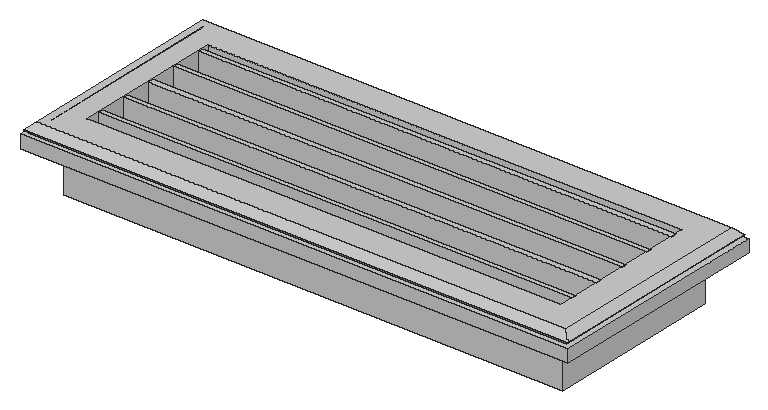
Revit family "CHEMOWENT Ramka + Kratka Otwór Prostokątny", category Duct Accessories, host Face, Revit 2015
Parameters (values of type "300×100 LG-A")
  Typ ramki montażowej = CHEMOWENT Ramka Montażowa : 300×100
  Typ kratki = CHEMOWENT Kratka LG-A : 300×100
  Manufacturer = "CHEMOWENT"
  Materiał = CHEMOWENT - PVC-U
  H = 110 mm
  Głębokość ramki [instance] = 35 mm
  Default Elevation = 1219.2 mm
  B = 310 mm
Types (32, lengths in mm): name | Typ ramki montażowej | Typ kratki | H | B
  300×100 LG-A | CHEMOWENT Ramka Montażowa : 300×100 | CHEMOWENT Kratka LG-A : 300×100 | 110 | 310
  300×150 LG-A | CHEMOWENT Ramka Montażowa : 300×150 | CHEMOWENT Kratka LG-A : 300×150 | 160 | 310
  300×200 LG-A | CHEMOWENT Ramka Montażowa : 300×200 | CHEMOWENT Kratka LG-A : 300×200 | 210 | 310
  300×250 LG-A | CHEMOWENT Ramka Montażowa : 300×250 | CHEMOWENT Kratka LG-A : 300×250 | 260 | 310
  400×100 LG-A | CHEMOWENT Ramka Montażowa : 400×100 | CHEMOWENT Kratka LG-A : 400×100 | 110 | 410
  400×150 LG-A | CHEMOWENT Ramka Montażowa : 400×150 | CHEMOWENT Kratka LG-A : 400×150 | 160 | 410
  400×200 LG-A | CHEMOWENT Ramka Montażowa : 400×200 | CHEMOWENT Kratka LG-A : 400×200 | 210 | 410
  400×250 LG-A | CHEMOWENT Ramka Montażowa : 400×250 | CHEMOWENT Kratka LG-A : 400×250 | 260 | 410
  500×100 LG-A | CHEMOWENT Ramka Montażowa : 500×100 | CHEMOWENT Kratka LG-A : 500×100 | 110 | 510
  500×150 LG-A | CHEMOWENT Ramka Montażowa : 500×150 | CHEMOWENT Kratka LG-A : 500×150 | 160 | 510
  500×200 LG-A | CHEMOWENT Ramka Montażowa : 500×200 | CHEMOWENT Kratka LG-A : 500×200 | 210 | 510
  500×250 LG-A | CHEMOWENT Ramka Montażowa : 500×250 | CHEMOWENT Kratka LG-A : 500×250 | 260 | 510
  600×100 LG-A | CHEMOWENT Ramka Montażowa : 600×100 | CHEMOWENT Kratka LG-A : 600×100 | 110 | 610
  600×150 LG-A | CHEMOWENT Ramka Montażowa : 600×150 | CHEMOWENT Kratka LG-A : 600×150 | 160 | 610
  600×200 LG-A | CHEMOWENT Ramka Montażowa : 600×200 | CHEMOWENT Kratka LG-A : 600×200 | 210 | 610
  600×250 LG-A | CHEMOWENT Ramka Montażowa : 600×250 | CHEMOWENT Kratka LG-A : 600×250 | 260 | 610
  300×100 LG-C | CHEMOWENT Ramka Montażowa : 300×100 | CHEMOWENT Kratka LG-C : 300×100 | 110 | 310
  300×150 LG-C | CHEMOWENT Ramka Montażowa : 300×150 | CHEMOWENT Kratka LG-C : 300×150 | 160 | 310
  300×200 LG-C | CHEMOWENT Ramka Montażowa : 300×200 | CHEMOWENT Kratka LG-C : 300×200 | 210 | 310
  300×250 LG-C | CHEMOWENT Ramka Montażowa : 300×250 | CHEMOWENT Kratka LG-C : 300×250 | 260 | 310
  400×100 LG-C | CHEMOWENT Ramka Montażowa : 400×100 | CHEMOWENT Kratka LG-C : 400×100 | 110 | 410
  400×150 LG-C | CHEMOWENT Ramka Montażowa : 400×150 | CHEMOWENT Kratka LG-C : 400×150 | 160 | 410
  400×200 LG-C | CHEMOWENT Ramka Montażowa : 400×200 | CHEMOWENT Kratka LG-C : 400×200 | 210 | 410
  400×250 LG-C | CHEMOWENT Ramka Montażowa : 400×250 | CHEMOWENT Kratka LG-C : 400×250 | 260 | 410
  500×100 LG-C | CHEMOWENT Ramka Montażowa : 500×100 | CHEMOWENT Kratka LG-C : 500×100 | 110 | 510
  500×150 LG-C | CHEMOWENT Ramka Montażowa : 500×150 | CHEMOWENT Kratka LG-C : 500×150 | 160 | 510
  500×200 LG-C | CHEMOWENT Ramka Montażowa : 500×200 | CHEMOWENT Kratka LG-C : 500×200 | 210 | 510
  500×250 LG-C | CHEMOWENT Ramka Montażowa : 500×250 | CHEMOWENT Kratka LG-C : 500×250 | 260 | 510
  600×100 LG-C | CHEMOWENT Ramka Montażowa : 600×100 | CHEMOWENT Kratka LG-C : 600×100 | 110 | 610
  600×150 LG-C | CHEMOWENT Ramka Montażowa : 600×150 | CHEMOWENT Kratka LG-C : 600×150 | 160 | 610
  600×200 LG-C | CHEMOWENT Ramka Montażowa : 600×200 | CHEMOWENT Kratka LG-C : 600×200 | 210 | 610
  600×250 LG-C | CHEMOWENT Ramka Montażowa : 600×250 | CHEMOWENT Kratka LG-C : 600×250 | 260 | 610
Reference planes
  plane 1 "Środek (Przód/Tył)": y = 0
  plane 2: z = 0
  plane 3 "Środek (Lewa/Prawa)": x = 0
  plane 4: z = -27
  plane 5: x = -155
  plane 6: x = 155
  plane 7: y = -55
  plane 8: y = 55
Forms (mm)
  Extrusion 1, void
    sketch origin (0, 0, 0) x (1, 0, 0) y (0, 1, 0)
      loop
        line (-155, 55) -> (-155, -55) -> (155, -55) -> (155, 55) -> (-155, 55)
    from -27 to 0
Dimensions and locks
  equal spacing: plane 8, plane 1 "Środek (Przód/Tył)", plane 7
  "H": plane 8 to plane 7
  equal spacing: plane 5, plane 3 "Środek (Lewa/Prawa)", plane 6
  "B": plane 5 to plane 6
  aligned and locked: plane 2 to host face
  aligned and locked: level to host face
  aligned and locked: Extrusion 1 to plane 4
  aligned and locked: plane 3 "Środek (Lewa/Prawa)" to nested 1
  aligned and locked: plane 1 "Środek (Przód/Tył)" to nested 1
  aligned and locked: plane 3 "Środek (Lewa/Prawa)" to nested 2
  aligned and locked: plane 1 "Środek (Przód/Tył)" to nested 2
  aligned and locked: Extrusion 1 to plane 5
  aligned and locked: Extrusion 1 to plane 6
  aligned and locked: plane 8 to Extrusion 1
  aligned and locked: Extrusion 1 to plane 7
  aligned and locked: plane 4 to nested 1
Automatic sketch dimensions
  host sketch curve to host sketch curve = 2438.4 mm  (x2)
  plane 1 "Środek (Przód/Tył)" to Extrusion 1 sketch curve = 55 mm
  Extrusion 1 sketch curve to plane 3 "Środek (Lewa/Prawa)" = 155 mm
  plane 3 "Środek (Lewa/Prawa)" to Extrusion 1 sketch curve = 155 mm
  Extrusion 1 sketch curve to plane 1 "Środek (Przód/Tył)" = 55 mm
Nested families
  nested 1: "CHEMOWENT Ramka Montażowa" at (0, 0, 0), Głębokość ramki <- "Głębokość ramki", type <- "Typ ramki montażowej", type "300×100", detail levels medium+fine
    with Głębokość ramki 35 mm
  nested 2: "CHEMOWENT Kratka LG-A" at (0, 0, 8), type <- "Typ kratki", type "300×100", detail levels medium+fine
Definition of nested family "CHEMOWENT Ramka Montażowa"
  Parameters (values of type "300×100")
    Manufacturer = "CHEMOWENT"
    Materiał = none
    Głębokość ramki [instance] = 35 mm
    B/2 = B / 2  # 150 mm
    H = 100 mm
    Default Elevation = 1219.2 mm
    B = 300 mm
    -B/2 = -B / 2  # -150 mm
  Types (16, lengths in mm): name | B/2 | H | B | -B/2
    300×100 | 150 | 100 | 300 | -150
    600×250 | 300 | 250 | 600 | -300
    600×200 | 300 | 200 | 600 | -300
    600×150 | 300 | 150 | 600 | -300
    600×100 | 300 | 100 | 600 | -300
    500×250 | 250 | 250 | 500 | -250
    500×200 | 250 | 200 | 500 | -250
    500×150 | 250 | 150 | 500 | -250
    500×100 | 250 | 100 | 500 | -250
    400×250 | 200 | 250 | 400 | -200
    400×200 | 200 | 200 | 400 | -200
    400×150 | 200 | 150 | 400 | -200
    400×100 | 200 | 100 | 400 | -200
    300×250 | 150 | 250 | 300 | -150
    300×200 | 150 | 200 | 300 | -150
    300×150 | 150 | 150 | 300 | -150
  Reference planes
    plane 1 "Środek (Przód/Tył)": y = 0
    plane 2: z = 0
    plane 3 "Środek (Lewa/Prawa)": x = 0
    plane 4: x = -150
    plane 5: y = -50
    plane 6: y = 50
    plane 7: x = 150
    plane 8 "Głębokość kratki": z = -27
    plane 9: z = 8
  Forms (mm)
    Sweep 1, solid, material <- "Materiał"
      path origin (0, 0, 0) x (1, 0, 0) y (0, 1, 0)
        loop
          line (-150, -50) -> (150, -50) -> (150, 50) -> (-150, 50) -> (-150, -50)
      profile origin (0, -50, 0) x (0, 1, 0) y (0, 0, 1)
        loop
          line (-20, 8) -> (-20, 0) -> (-5, 0) -> (-5, -27) -> (0, -27) -> (0, 8) -> (-20, 8)
  Dimensions and locks
    equal spacing: plane 4, plane 3 "Środek (Lewa/Prawa)", plane 7
    "B": plane 4 to plane 7
    equal spacing: plane 5, plane 1 "Środek (Przód/Tył)", plane 6
    "H": plane 6 to plane 5
    locked: plane 9 to level at 8
    "Głębokość ramki": plane 9 to plane 8 "Głębokość kratki"
    aligned and locked: level to plane 2
    aligned and locked: Sweep 1 sketch curve to plane 5
    aligned and locked: Sweep 1 sketch curve to plane 4
    aligned and locked: Sweep 1 sketch curve to plane 6
    aligned and locked: Sweep 1 sketch curve to plane 7
    aligned and locked: Sweep 1 sketch curve to plane 8 "Głębokość kratki"
  Automatic sketch dimensions
    Sweep 1 sketch curve to level = 0 mm
    Sweep 1 sketch curve to profile plane = 0 mm
    profile plane to Sweep 1 sketch curve = 5 mm
    level to Sweep 1 sketch curve = 8 mm
    Sweep 1 sketch curve to Sweep 1 sketch curve = 15 mm
Definition of nested family "CHEMOWENT Kratka LG-A"
  Parameters (values of type "300×100")
    Manufacturer = "CHEMOWENT"
    Materiał = none
    Ilość lameli poziomych = 5
    B/2 = B / 2  # 147 mm
    H = 94 mm
    Default Elevation = 1219.2 mm
    B = 294 mm
    -B/2 = -B / 2  # -147 mm
  Reference planes
    plane 1 "Środek (Przód/Tył)": y = 0
    plane 2: z = 0
    plane 3 "Środek (Lewa/Prawa)": x = 0
    plane 4: x = -147
    plane 5: y = -47
    plane 6: y = 47
    plane 7: x = 147
    plane 8: z = 6.536
    plane 9 "Głębokość kratki": z = -10.464
    plane 10: y = -38.5
  Forms (mm)
    Sweep 1, solid, material <- "Materiał"
      path origin (0, 0, 0) x (1, 0, 0) y (0, 1, 0)
        loop
          line (-147, -47) -> (147, -47) -> (147, 47) -> (-147, 47) -> (-147, -47)
      profile "CHEMOWENT Ramka Kratki : 17mm" origin (0, -47, 0) x (0, 1, 0) y (0, 0, 1)
        loop
          line (0, 6.536) -> (-17.243, 6.536) -> (-21.657, 2.121) -> (-19.536, 0) -> (-16, 3.536) -> (-3, 3.536) -> (-3, -10.464) -> (0, -10.464) -> (0, 6.536)
    Extrusion 2, solid, material <- "Materiał"
      sketch origin (0, -48.5, 0) x (0, 1, 0) y (0, 0, 1)
        loop
          line (10, 6.536) -> (10, -10.464) -> (13, -10.464) -> (13, 6.536) -> (10, 6.536)
      from -147 <- "-B/2" to 147 <- "B/2"
    Extrusion 3, solid, material <- "Materiał"
      sketch origin (0, -29.075, 0) x (0, 1, 0) y (0, 0, 1)
        loop
          line (10, 6.536) -> (10, -10.464) -> (13, -10.464) -> (13, 6.536) -> (10, 6.536)
      from -147 <- "-B/2" to 147 <- "B/2"
    Extrusion 4, solid, material <- "Materiał"
      sketch origin (0, -9.65, 0) x (0, 1, 0) y (0, 0, 1)
        loop
          line (10, 6.536) -> (10, -10.464) -> (13, -10.464) -> (13, 6.536) -> (10, 6.536)
      from -147 <- "-B/2" to 147 <- "B/2"
    Extrusion 5, solid, material <- "Materiał"
      sketch origin (0, 9.775, 0) x (0, 1, 0) y (0, 0, 1)
        loop
          line (10, 6.536) -> (10, -10.464) -> (13, -10.464) -> (13, 6.536) -> (10, 6.536)
      from -147 <- "-B/2" to 147 <- "B/2"
    Extrusion 6, solid, material <- "Materiał"
      sketch origin (0, 29.2, 0) x (0, 1, 0) y (0, 0, 1)
        loop
          line (10, 6.536) -> (10, -10.464) -> (13, -10.464) -> (13, 6.536) -> (10, 6.536)
      from -147 <- "-B/2" to 147 <- "B/2"
  Dimensions and locks
    equal spacing: plane 4, plane 3 "Środek (Lewa/Prawa)", plane 7
    "B": plane 4 to plane 7
    equal spacing: plane 5, plane 1 "Środek (Przód/Tył)", plane 6
    "H": plane 6 to plane 5
    locked: Extrusion 2 sketch curve to Extrusion 2 sketch curve at 3
    locked: Extrusion 3 sketch curve to Extrusion 3 sketch curve at 3
    equal spacing: group 1, group 2, group 3, group 4, group 5  (x3)
    locked: Extrusion 4 sketch curve to Extrusion 4 sketch curve at 3
    locked: Extrusion 5 sketch curve to Extrusion 5 sketch curve at 3
    locked: Extrusion 6 sketch curve to Extrusion 6 sketch curve at 3
    locked: plane 10 to plane 5 at 8.5
    locked: Extrusion 3 to Extrusion 2 at 19.425
    aligned and locked: level to plane 2
    aligned and locked: Sweep 1 sketch curve to plane 5
    aligned and locked: Sweep 1 sketch curve to plane 4
    aligned and locked: Sweep 1 sketch curve to plane 6
    aligned and locked: Sweep 1 sketch curve to plane 7
    aligned and locked: Extrusion 2 to plane 10
  Automatic sketch dimensions
    Extrusion 2 sketch curve to Extrusion 2 sketch curve = 17 mm
    Extrusion 3 sketch curve to Extrusion 3 sketch curve = 17 mm
    Extrusion 4 sketch curve to Extrusion 4 sketch curve = 17 mm
    Extrusion 5 sketch curve to Extrusion 5 sketch curve = 17 mm
    Extrusion 6 sketch curve to Extrusion 6 sketch curve = 17 mm
